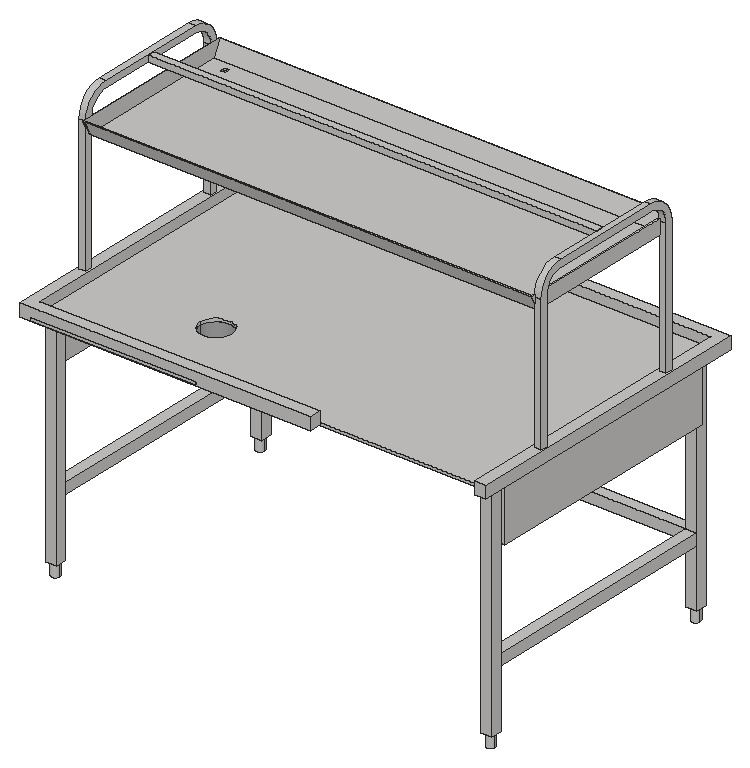
Revit family "QF_ELECTROLUXPROFESSIONAL_865343_BHST1711L", category Attrezzature speciali, Revit 2020
Family settings
  Quota connettore circolare = Usa diametro
  Tipo di parte = Normale
  Basato su piano di lavoro = No
  Sempre verticale = Sì
  Taglio con vuoti quando caricato = No
  Condiviso = No
  Punto di calcolo locali = No
Parameters (values of type "Standard")
  Weight = 15.00 kg
  Watts = 0 W
  Volts = 0 V
  URL Manufacturer = "https://www.electroluxprofessional.com/"
  URL = "https://www.electroluxprofessional.com/"
  Steam Supply Size = 0 mm
  Steam Supply Minimum Pressure = 0.0 Pa
  Steam Supply Maximum Pressure = 0.0 Pa
  Steam Consumption per Hour = 0
  Refrigeration Suction Line Size = 0 mm
  Refrigeration Liquid Line Size = 0 mm
  Refrigerant Compressor Remote = yes
  Prospetto di default = 0 mm
  Produttore = "Electrolux Professional"
  Phase = 0
  Modello = "BHST1711L"
  Length Actual = 1700 mm  # constant formula
  Item Number = "865343"
  Hot Water Size = 0 mm
  Height Actual = 1551 mm  # constant formula
  HP = "0 HP"
  Gas Size = 0 mm
  Gas KW = 0
  Gas Input Pressure = 0 W
  Direct Waste Size = 0 mm
  Description = "SORTING TABLE, LEFT>RIGHT, 1700X1100 MM "
  Depth Actual = 1100 mm  # constant formula
  Cycle = 0 Hz
  Condensate Return Size = 0 mm
  Compressed Air Volume = 0.0 L/s
  Compressed Air Size = 0 mm
  Compressed Air Pressure = 0.0 Pa
  Cold Water Size = 0 mm
  Accessory = yes
Reference planes
  plane 1 "Centro (Fronte/Retro)": y = 0
  plane 2: z = 0
  plane 3 "Centro (Sinistra/Destra)": x = 0
  plane 4: x = 850
  plane 5: z = 1492
  plane 6: x = 20
  plane 7: y = -557.5
  plane 8: x = 56
  plane 9: x = 1700
  plane 10: x = 1644
  plane 11: y = -1115
  plane 12: y = -88
  plane 13: y = -1023
Forms (mm)
  Extrusion 1, solid, material "QF_Finishes_Stainless Steel"
    sketch origin (0, 0, 865) x (1, 0, 0) y (0, 1, 0)
      loop
        line (40, -1115) -> (640, -1115) -> (640, -1075) -> (1660, -1075) -> (1660, -40) -> (40, -40) -> (40, -1115)
    from 0 to 10
  Extrusion 2, solid, material "QF_Finishes_Stainless Steel"
    sketch origin (36, -178, 0) x (0, 1, 0) y (0, 0, 1)
      loop
        line (70, 299.579) -> (-825, 299.579) -> (-825, 259.579) -> (70, 259.579) -> (70, 299.579)
    from 0 to 40
  Extrusion 3, solid, material "QF_Finishes_Stainless Steel"
    sketch origin (0, -178, -12) x (0, 1, 0) y (0, 0, 1)
      loop
        line (-367.5, 1504) -> (-391.5, 1504) -> (-391.5, 1480) -> (-367.5, 1480) -> (-367.5, 1504)
    from 32 to 1668
  Extrusion 4, void
    sketch origin (32, -178, -6.687) x (0, 1, 0) y (0, 0, 1)
      loop
        line (-56.629, 1444.891) -> (-702.371, 1444.891) -> (-663.034, 1360.532) -> (-95.966, 1360.532) -> (-56.629, 1444.891)
    from 3.287 to 1634
  Extrusion 5, solid, material "QF_Finishes_Stainless Steel"
    sketch origin (32, -178, -12) x (0, 1, 0) y (0, 0, 1)
      loop
        line (-70.92, 1418.976) -> (-688.08, 1418.976) -> (-661.76, 1362.532) -> (-97.24, 1362.532) -> (-70.92, 1418.976)
    from 0 to 1636
  Extrusion 6, void
    sketch origin (0, -178, -12) x (1, 0, 0) y (0, 1, 0)
      loop
        circle (108.268, -136.161) r 12
    from 1301.755 to 1377.519
  Extrusion 7, solid, material "QF_Finishes_Stainless Steel"
    sketch origin (0, -178, -12) x (1, 0, 0) y (0, 1, 0)
      loop
        circle (108.21, -136.146) r 13
    from 1316.037 to 1362.532
  Extrusion 8, void
    sketch origin (0, -178, -12) x (1, 0, 0) y (0, 1, 0)
      loop
        circle (108.268, -136.161) r 10
    from 1301.755 to 1377.519
  Extrusion 9, solid, material "QF_Finishes_Stainless Steel"
    sketch origin (1664, -178, 0) x (0, 1, 0) y (0, 0, -1)
      loop
        line (70, -299.579) -> (70, -259.579) -> (-825, -259.579) -> (-825, -299.579) -> (70, -299.579)
    from 0 to 40
  Sweep 10, solid, material "QF_Finishes_Stainless Steel"
    path origin (1700, -178, -12) x (0, 1, 0) y (0, 0, -1)
      loop
        line (-95, -922) -> (-95, -1412)
        arc (-95, -1412) -> (-118.431, -1468.569) -> (-175, -1492) r 80
        line (-175, -1492) -> (-584, -1492)
        arc (-584, -1492) -> (-640.569, -1468.569) -> (-664, -1412) r 80
        line (-664, -1412) -> (-664, -922)
    profile origin (1700, -273, 1155) x (0, 1, 0) y (-1, 0, 0)
      loop
        line (12, 8) -> (12, 32) -> (-12, 32) -> (-12, 8) -> (12, 8)
  Extrusion 11, solid, material "QF_Finishes_Stainless Steel"
    sketch origin (1700, -178, 0) x (0, 1, 0) y (0, 0, -1)
      loop
        line (70, -865) -> (70, -660) -> (-825, -660) -> (-825, -865) -> (70, -865)
    from 20 to 36
  Sweep 12, solid, material "QF_Finishes_Stainless Steel"
    path origin (0, -178, -12) x (0, 1, 0) y (0, 0, 1)
      loop
        line (-95, 922) -> (-95, 1412)
        arc (-95, 1412) -> (-118.431, 1468.569) -> (-175, 1492) r 80
        line (-175, 1492) -> (-584, 1492)
        arc (-584, 1492) -> (-640.569, 1468.569) -> (-664, 1412) r 80
        line (-664, 1412) -> (-664, 922)
    profile origin (0, -273, 1155) x (0, -1, 0) y (1, 0, 0)
      loop
        line (-12, 8) -> (12, 8) -> (12, 32) -> (-12, 32) -> (-12, 8)
  Extrusion 13, solid, material "QF_Finishes_Stainless Steel"
    sketch origin (0, -178, 0) x (0, 1, 0) y (0, 0, 1)
      loop
        line (70, 865) -> (-825, 865) -> (-825, 660) -> (70, 660) -> (70, 865)
    from 20 to 36
  Extrusion 14, solid, material "QF_Finishes_Stainless Steel"
    sketch origin (-964, -68, 0) x (1, 0, 0) y (0, 1, 0)
      loop
        line (1000, 0) -> (1000, -40) -> (1040, -40) -> (1040, 0) -> (1000, 0)
    from 45 to 865
  Extrusion 15, solid, material "QF_Finishes_Stainless Steel"
    sketch origin (-964, -68, 0) x (1, 0, 0) y (0, 1, 0)
      loop
        circle (1020, -20) r 15
    from 0 to 45
  Extrusion 16, solid, material "QF_Finishes_Stainless Steel"
    sketch origin (2664, -68, 0) x (-1, 0, 0) y (0, -1, 0)
      loop
        line (1000, 0) -> (1040, 0) -> (1040, 40) -> (1000, 40) -> (1000, 0)
    from 45 to 865
  Extrusion 17, solid, material "QF_Finishes_Stainless Steel"
    sketch origin (2664, -68, 0) x (-1, 0, 0) y (0, -1, 0)
      loop
        circle (1020, 20) r 15
    from 0 to 45
  Extrusion 18, solid, material "QF_Finishes_Stainless Steel"
    sketch origin (-964, -1003, 0) x (1, 0, 0) y (0, 1, 0)
      loop
        line (1000, 0) -> (1000, -40) -> (1040, -40) -> (1040, 0) -> (1000, 0)
    from 45 to 865
  Extrusion 19, solid, material "QF_Finishes_Stainless Steel"
    sketch origin (-964, -1003, 0) x (1, 0, 0) y (0, 1, 0)
      loop
        circle (1020, -20) r 15
    from 0 to 45
  Extrusion 20, solid, material "QF_Finishes_Stainless Steel"
    sketch origin (2664, -1003, 0) x (-1, 0, 0) y (0, -1, 0)
      loop
        line (1000, 0) -> (1040, 0) -> (1040, 40) -> (1000, 40) -> (1000, 0)
    from 45 to 865
  Extrusion 21, solid, material "QF_Finishes_Stainless Steel"
    sketch origin (2664, -1003, 0) x (-1, 0, 0) y (0, -1, 0)
      loop
        circle (1020, 20) r 15
    from 0 to 45
  Extrusion 22, solid, material "QF_Finishes_Stainless Steel"
    sketch origin (0, -28, 0) x (1, 0, 0) y (0, 0, 1)
      loop
        line (76, 259.624) -> (1624, 259.624) -> (1624, 299.579) -> (76, 299.579) -> (76, 259.624)
    from 40 to 80
  Extrusion 23, solid, material "QF_Finishes_Stainless Steel"
    sketch origin (1700, 0, 865) x (-1, 0, 0) y (0, -1, 0)
      loop
        line (0, 0) -> (1700, 0) -> (1700, 1115) -> (640, 1115) -> (640, 1075) -> (1660, 1075) -> (1660, 40) -> (40, 40) -> (40, 1115) -> (0, 1115) -> (0, 0)
    from 0 to 45
  Extrusion 24, void
    sketch origin (1100, -343.125, 0) x (-1, 0, 0) y (0, -1, 0)
      loop
        circle (610, 490) r 58
    from 674.596 to 947.421
Cuts and joins
  Extrusion 4, Extrusion 8 cuts Extrusion 5
  Extrusion 6 cuts Extrusion 7
  Extrusion 24 cuts Extrusion 1
Dimensions and locks
  plane 5 to level = 1492 mm  (x2)
  plane 9 to plane 3 "Centro (Sinistra/Destra)" = 1700 mm
  plane 10 to plane 8 = 1588 mm
  plane 1 "Centro (Fronte/Retro)" to plane 11 = 1115 mm  (x2)
  Sweep 12 to Sweep 12 = 545 mm
  Extrusion 14 to Extrusion 18 = 895 mm
  plane 12 to plane 13 = 935 mm
  Extrusion 20 to Extrusion 18 = 1548 mm
  Extrusion 22 to Extrusion 22 = 39.955 mm
  plane 3 "Centro (Sinistra/Destra)" to plane 9 = 1700 mm
  aligned and locked: level to plane 2
  aligned and locked: Extrusion 15 to Extrusion 14
  aligned and locked: Extrusion 16 to Extrusion 17
  aligned and locked: Extrusion 19 to Extrusion 18
  aligned and locked: Extrusion 20 to Extrusion 21
Nested families
  nested 1: "FORO_IMMONDIZIE - 200" at (490, -833, 863.471) x (-1, 0, 0) z (0, 0, 1), type "FORO_IMMONDIZIE - 200"
Definition of nested family "FORO_IMMONDIZIE - 200"
  Parameters (values of type "FORO_IMMONDIZIE - 200")
    Default Elevation = 1219.2 mm
  Reference planes
    plane 1 "Centro (Fronte/Retro)": y = 0
    plane 2: z = 0
    plane 3 "Centro (Sinistra/Destra)": x = 0
    plane 4: z = -110
  Forms (mm)
    Extrusion 1, solid, not visible
      sketch origin (0, 0, 0) x (1, 0, 0) y (0, 1, 0)
        loop
          line (-1219.2, 1219.2) -> (-1219.2, -1219.2) -> (1219.2, -1219.2) -> (1219.2, 1219.2) -> (-1219.2, 1219.2)
      from 0 to -304.8
    Extrusion 2, solid
      sketch origin (0, 0, 0) x (1, 0, 0) y (0, 1, 0)
        loop
          circle (0, 0) r 60
        loop
          circle (0, 0) r 90
      from -110 to 1.529
  Dimensions and locks
    aligned and locked: plane 2 to Extrusion 1
    aligned and locked: level to Extrusion 1
